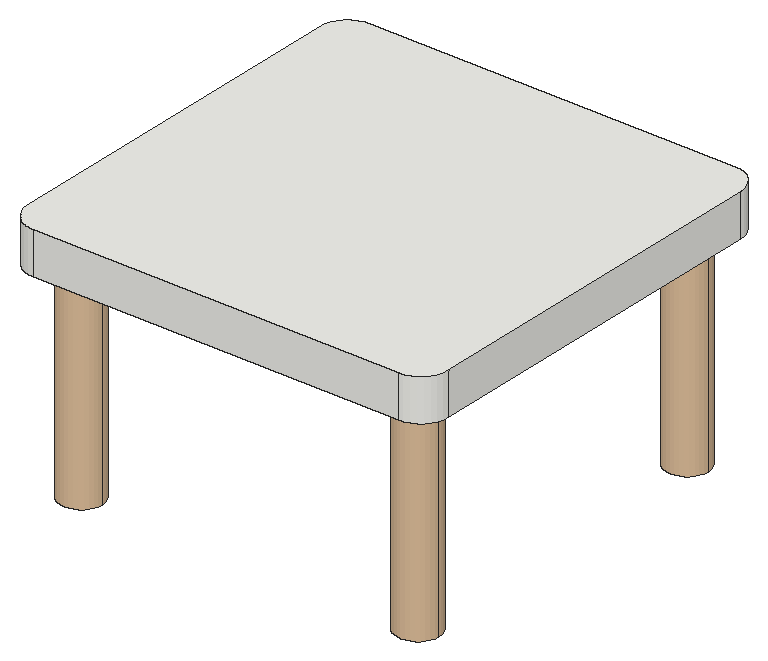
Revit family "Test family3", category Furniture, Revit 2024
Family settings
  OmniClass Number = 23.40.20.14.17
  OmniClass Title = Residential Tables and Cabinets
  Work Plane-Based = No
  Enable Cutting in Views = No
  Always vertical = Yes
  Cut with Voids When Loaded = No
  Render Appearance Source = Family Geometry
  Shared = Yes
  Room Calculation Point = No
Parameters (values of type "0762 x 0762mm")
  Default Elevation = 0.00 mm
  Base Material = Wood - Birch
  Height = 457.00 mm
  Length = 762.00 mm
  Top Material = Laminate - Ivory, Matte
  Width = 762.00 mm
Types (4, lengths in mm): name | Height | Length | Width
  (no name) | 457.00 | 762.00 | 762.00
  0610 x 0160mm | 762.00 | 610.00 | 610.00
  0762 x 0762mm | 457.00 | 762.00 | 762.00
  0610 x 0915mm | 762.00 | 610.00 | 915.00
Reference planes
  plane 1: y = 152.4
  plane 2: z = 0
  plane 3 "Left": x = 3.734
  plane 4 "Right": x = 765.734
  plane 5 "Back": y = 533.4
  plane 6 "Front": y = -228.6
  plane 7: x = 384.734
Forms (mm)
  Extrusion 1, solid, material "Laminate - Ivory, Matte" <- "Top Material"
    sketch origin (0, 0, 0) x (1, 0, 0) y (0, 1, 0)
      loop
        line (54.534, -228.6) -> (714.934, -228.6)
        arc (714.934, -228.6) -> (750.855, -213.721) -> (765.734, -177.8) r 50.8
        line (765.734, -177.8) -> (765.734, 482.6)
        arc (765.734, 482.6) -> (750.855, 518.521) -> (714.934, 533.4) r 50.8
        line (714.934, 533.4) -> (54.534, 533.4)
        arc (54.534, 533.4) -> (18.613, 518.521) -> (3.734, 482.6) r 50.8
        line (3.734, 482.6) -> (3.734, -177.8)
        arc (3.734, -177.8) -> (18.613, -213.721) -> (54.534, -228.6) r 50.8
    from 380.8 to 457
  Extrusion 2, solid, material "Wood - Birch" <- "Base Material"
    sketch origin (0, 0, 0) x (1, 0, 0) y (0, 1, 0)
      loop
        circle (79.934, 457.2) r 38.1
      loop
        circle (79.934, -152.4) r 38.1
      loop
        circle (689.534, -152.4) r 38.1
      loop
        circle (689.534, 457.2) r 38.1
    from 0 to 380.8
Lines and regions (mm)
  Masking region 1
    outline origin (0, 0, 0) x (1, 0, 0) y (0, 1, 0)
      loop
        arc (54.534, 533.4) -> (18.613, 518.521) -> (3.734, 482.6) r 50.8
        line (3.734, 482.6) -> (3.734, -177.8)
        arc (3.734, -177.8) -> (18.613, -213.721) -> (54.534, -228.6) r 50.8
        line (54.534, -228.6) -> (714.934, -228.6)
        arc (714.934, -228.6) -> (750.855, -213.721) -> (765.734, -177.8) r 50.8
        line (765.734, -177.8) -> (765.734, 482.6)
        arc (765.734, 482.6) -> (750.855, 518.521) -> (714.934, 533.4) r 50.8
        line (714.934, 533.4) -> (54.534, 533.4)
Dimensions and locks
  locked: Extrusion 1 to Extrusion 1 at 76.2
  "Height": Extrusion 1 to plane 2
  locked: Extrusion 1 to Extrusion 2 sketch curve at 76.2  (x8)
  "Width": plane 5 "Back" to plane 6 "Front"
  "Length": plane 3 "Left" to plane 4 "Right"
  equal spacing: plane 5 "Back", plane 1, plane 6 "Front"
  equal spacing: plane 3 "Left", plane 7, plane 4 "Right"
  radius of Extrusion 1 sketch curve = 50.80 mm  (x4)
  aligned and locked: plane 2 to level
  aligned and locked: plane 6 "Front" to Extrusion 1 sketch curve
  aligned and locked: Extrusion 2 to Extrusion 1
  aligned and locked: Masking region 1 sketch curve to plane 5 "Back"
  aligned and locked: plane 3 "Left" to Masking region 1 sketch curve
  aligned and locked: plane 4 "Right" to Masking region 1 sketch curve
  aligned and locked: Masking region 1 sketch curve to plane 6 "Front"
  aligned: Masking region 1 sketch curve to Extrusion 1
Automatic sketch dimensions
  Extrusion 2 sketch curve to Extrusion 2 sketch curve = 38.10 mm  (x4)
  Extrusion 1 sketch curve to plane 3 "Left" = 0.00 mm
  Extrusion 1 sketch curve to plane 4 "Right" = 0.00 mm
  Extrusion 1 sketch curve to plane 5 "Back" = 0.00 mm
  plane 3 "Left" to Masking region 1 sketch curve = 50.80 mm  (x2)
  plane 4 "Right" to Masking region 1 sketch curve = 50.80 mm  (x2)
